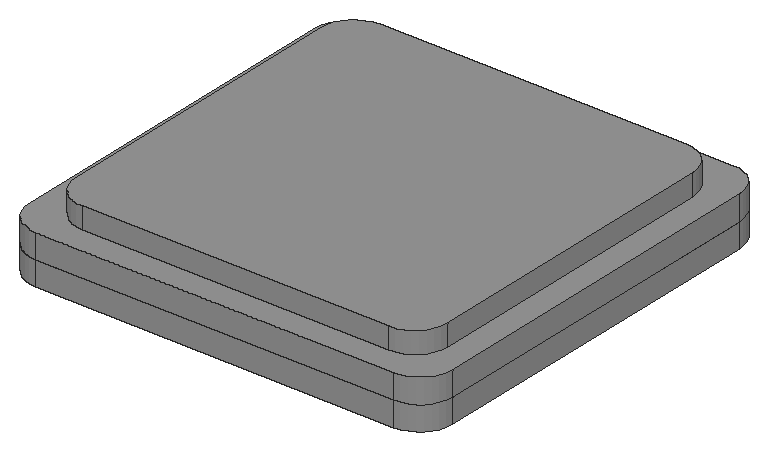
Revit family "FMS2_63_UN_Surface-mounted_ETK", category Lighting Fixtures, Revit 2019 (continued)
Definition of nested family "FMS.2 - Lightsource"
  Types (14, lengths in mm): name | Wattage Comments | Wattage | built-in parameter 1150134 | Photometric Web File | built-in parameter 1150142 | built-in parameter 1150105 | Lumens | built-in parameter 1150107 | built-in parameter 1150106 | Apparent Load
      \t125.602\t121.459\r\n117.3712\t113.3249\t109.3062\t105.3151\t101.3102\t97.3329\t93.397\t89.5026\t85.7049\t81.9624\r\n78.2613\t74.574\t70.9143\t67.2823\t63.6779\t60.1011\t56.552\t53.0304\t49.5365\t46.0702\r\n38.4056\t26.0319\t13.6332\t1.214\t0\t0\t0\t0\t0\t0\r\n0\r\n502.9602\t502.684\t502.2697\t502.1316\t501.9935\t501.7173\t501.5792\t501.4411\t501.0268\t500.7506\r\n500.3363\t500.0601\t499.5077\t499.0934\t498.541\t497.9886\t497.4362\t496.8838\t496.1933\t495.5028\r\n494.6742\t493.8456\t493.017\t492.1884\t491.3598\t490.3931\t489.4264\t488.3216\t487.2168\t486.112\r\n485.0072\t483.9024\t482.6595\t481.2785\t480.0356\t478.6546\t477.2736\t475.7545\t474.3735\t472.8544\r\n471.4734\t469.8162\t468.2971\t466.5018\t464.8446\t463.1874\t461.5302\t459.7349\t457.9396\t456.0062\r\n454.2109\t452.2775\t450.3441\t448.2726\t446.3392\t444.2677\t442.1962\t440.1247\t438.0532\t435.9817\r\n433.9102\t431.7006\t429.3529\t427.1433\t425.0718\t422.586\t419.6859\t416.6477\t413.6095\t410.5713\r\n407.5331\t404.4949\t401.3186\t398.2804\t395.1041\t392.0659\t388.8896\t385.7133\t382.537\t379.2226\r\n376.0463\t372.87\t369.5556\t366.3793\t363.0649\t359.7505\t356.5742\t353.2598\t350.0835\t346.7691\r\n343.3166\t340.0022\t336.8259\t333.3734\t330.059\t326.7446\t323.4302\t319.9777\t316.6633\t313.2108\r\n309.8964\t306.582\t303.1295\t299.8151\t296.5007\t293.1863\t289.7338\t286.2813\t282.6907\t278.8239\r\n274.819\t270.9522\t266.9473\t263.0805\t259.0756\t254.9326\t251.0658\t247.199\t243.3322\t239.3273\r\n235.4605\t231.5937\t227.5888\t223.722\t219.8552\t215.9884\t212.1216\t208.2548\t204.5261\t200.7974\r\n196.9306\t193.2019\t189.3351\t185.6064\t181.8777\t177.5966\t173.3155\t169.0344\t164.8914\t160.6103\r\n156.3292\t152.1862\t148.0432\t143.9002\t139.7572\t135.7247\t131.6645\t127.5906\t123.5581\t119.5532\r\n115.5621\t111.6124\t107.6766\t103.7822\t99.9015\t96.0762\t92.2646\t88.4807\t84.7105\t80.9818\r\n77.2808\t73.5935\t69.9476\t66.3156\t62.6974\t59.1206\t55.5438\t51.9947\t40.9052\t29.1529\r\n17.4006\t5.6179\t0\t0\t0\t0\t0\t0\t0\t0\r\n0\r\n502.9602\t502.5459\t502.1316\t501.9935\t501.7173\t501.5792\t501.303\t501.0268\t500.7506\t500.3363\r\n499.922\t499.5077\t499.0934\t498.541\t498.1267\t497.5743\t496.8838\t496.3314\t495.6409\t494.9504\r\n494.2599\t493.4313\t492.6027\t491.7741\t490.8074\t489.9788\t489.0121\t488.0454\t487.0787\t485.8358\r\n484.731\t483.6262\t482.5214\t481.2785\t480.0356\t478.7927\t477.4117\t476.0307\t474.6497\t473.2687\r\n471.7496\t470.3686\t468.8495\t467.3304\t465.8113\t464.1541\t462.4969\t460.8397\t459.1825\t457.5253\r\n455.73\t453.9347\t452.1394\t450.3441\t448.4107\t446.4773\t444.5439\t442.0581\t439.2961\t436.5341\r\n433.7721\t431.0101\t428.2481\t425.348\t422.4479\t419.5478\t416.7858\t413.8857\t410.9856\t408.0855\r\n405.0473\t402.0091\t398.9709\t396.0708\t393.0326\t389.9944\t386.9562\t383.918\t380.8798\t377.8416\r\n374.8034\t371.6271\t368.4508\t365.4126\t362.2363\t359.06\t355.8837\t352.7074\t349.6692\t346.4929\r\n343.3166\t340.1403\t336.964\t333.7877\t330.6114\t327.5732\t324.3969\t321.2206\t317.9062\t314.1775\r\n310.4488\t306.582\t302.7152\t298.8484\t295.1197\t291.2529\t287.3861\t283.5193\t279.7906\t276.0619\r\n272.1951\t268.4664\t264.5996\t260.8709\t257.0041\t253.2754\t249.4086\t245.818\t242.0893\t238.3606\r\n234.6319\t230.9032\t227.1745\t223.4458\t219.7171\t215.9884\t212.3978\t208.6691\t204.388\t200.1069\r\n195.8258\t191.6828\t187.4017\t183.2587\t179.1157\t174.9727\t170.8297\t166.6867\t162.5437\t158.4007\r\n154.3958\t150.3909\t146.386\t142.243\t138.2381\t134.2332\t130.2421\t126.2925\t122.3842\t118.476\r\n114.5678\t110.6872\t106.8065\t102.9397\t99.1006\t95.289\t91.4912\t87.7211\t83.9648\t80.2223\r\n76.5074\t72.8063\t69.1191\t65.4456\t61.7859\t56.11\t44.7168\t33.3373\t21.9303\t10.5329\r\n0\t0\t0\t0\t0\t0\t0\t0\t0\t0\r\n0\r\n502.9602\t502.5459\t502.1316\t501.7173\t501.5792\t501.303\t501.0268\t500.7506\t500.3363\t500.0601\r\n499.6458\t499.0934\t498.6791\t498.1267\t497.5743\t497.0219\t496.4695\t495.9171\t495.2266\t494.5361\r\n493.8456\t493.017\t492.3265\t491.3598\t490.5312\t489.7026\t488.7359\t487.9073\t486.8025\t485.8358\r\n484.731\t483.6262\t482.5214\t481.4166\t480.3118\t479.0689\t477.826\t476.5831\t475.2021\t473.9592\r\n472.5782\t471.1972\t469.6781\t468.2971\t466.9161\t465.5351\t464.016\t462.4969\t460.8397\t459.1825\r\n457.5253\t455.1776\t452.6918\t450.0679\t447.444\t444.8201\t442.1962\t439.5723\t436.9484\t434.1864\r\n431.4244\t428.6624\t425.9004\t423.1384\t420.5145\t417.7525\t414.8524\t412.0904\t409.1903\t406.4283\r\n403.5282\t400.6281\t397.8661\t394.966\t392.0659\t389.1658\t386.1276\t383.2275\t380.3274\t377.2892\r\n374.3891\t371.489\t368.4508\t365.5507\t362.5125\t359.6124\t356.5742\t353.6741\t350.6359\t347.5977\r\n344.5595\t340.9689\t337.2402\t333.6496\t329.9209\t326.1922\t322.6016\t318.8729\t315.1442\t311.5536\r\n307.8249\t304.0962\t300.5056\t296.7769\t293.0482\t289.3195\t285.7289\t282.0002\t278.4096\t274.6809\r\n271.0903\t267.3616\t263.771\t260.0423\t256.4517\t252.8611\t249.2705\t245.6799\t242.0893\t238.4987\r\n234.9081\t230.9032\t226.7602\t222.4791\t218.3361\t214.1931\t210.0501\t205.9071\t201.7641\t197.7592\r\n193.6162\t189.4732\t185.4683\t181.4634\t177.3204\t173.3155\t169.3106\t165.1676\t161.1627\t157.1578\r\n153.291\t149.2861\t145.4193\t141.4144\t137.4785\t133.4875\t129.524\t125.5743\t121.6523\t117.7302\r\n113.8358\t109.9552\t106.0884\t102.2354\t98.4101\t94.5847\t90.7869\t87.003\t83.2329\t79.4766\r\n75.734\t72.0053\t68.2766\t61.0126\t49.8265\t38.6266\t27.4405\t16.2406\t5.0407\t0\r\n0\t0\t0\t0\t0\t0\t0\t0\t0\t0\r\n0\r\n502.9602\t502.5459\t501.9935\t501.5792\t501.303\t501.0268\t500.7506\t500.4744\t500.0601\t499.6458\r\n499.2315\t498.8172\t498.2648\t497.8505\t497.16\t496.6076\t496.0552\t495.5028\t494.8123\t494.1218\r\n493.5694\t492.8789\t492.0503\t491.2217\t490.3931\t489.5645\t488.5978\t487.7692\t486.8025\t485.8358\r\n484.8691\t483.9024\t482.7976\t481.6928\t480.588\t479.4832\t478.3784\t477.2736\t476.0307\t474.9259\r\n473.683\t472.302\t470.921\t469.6781\t468.2971\t466.9161\t464.8446\t462.4969\t460.1492\t457.6634\r\n455.3157\t452.8299\t450.3441\t447.7202\t445.2344\t442.7486\t440.2628\t437.6389\t435.015\t432.5292\r\n429.9053\t427.2814\t424.5194\t421.7574\t419.1335\t416.3715\t413.7476\t410.9856\t408.3617\t405.5997\r\n402.8377\t400.0757\t397.3137\t394.5517\t391.7897\t389.0277\t386.2657\t383.5037\t380.6036\t377.8416\r\n374.9415\t372.1795\t369.2794\t366.5174\t363.6173\t360.0267\t356.4361\t352.8455\t349.2549\t345.6643\r\n342.0737\t338.4831\t334.8925\t331.3019\t327.7113\t324.1207\t320.5301\t316.9395\t313.3489\t309.7583\r\n306.1677\t302.5771\t299.1246\t295.534\t291.9434\t288.3528\t284.9003\t281.3097\t277.8572\t274.2666\r\n270.8141\t267.3616\t263.771\t260.3185\t256.7279\t252.9992\t248.8562\t244.8513\t240.7083\t236.7034\r\n232.5604\t228.5555\t224.4125\t220.4076\t216.2646\t212.2597\t208.2548\t204.2499\t200.245\t196.2401\r\n192.2352\t188.2303\t184.2254\t180.2205\t176.3537\t172.3488\t168.3439\t164.4771\t160.6103\t156.6054\r\n152.7386\t148.7337\t144.7288\t140.7239\t136.6914\t132.7279\t128.7921\t124.87\t120.9618\t117.0674\r\n113.1868\t109.3062\t105.4532\t101.6002\t97.761\t93.9356\t90.1241\t86.3263\t82.5286\t78.7446\r\n74.9607\t67.2133\t56.1238\t45.0482\t33.9726\t22.897\t11.8214\t0.7455\t0\t0\r\n0\t0\t0\t0\t0\t0\t0\t0\t0\t0\r\n0\r\n502.9602\t502.4078\t501.9935\t501.4411\t501.1649\t500.8887\t500.4744\t500.0601\t499.7839\t499.3696\r\n498.8172\t498.4029\t497.8505\t497.4362\t496.8838\t496.3314\t495.6409\t495.0885\t494.398\t493.8456\r\n493.1551\t492.4646\t491.7741\t491.0836\t490.255\t489.4264\t488.5978\t487.7692\t486.9406\t485.9739\r\n485.0072\t484.0405\t483.0738\t482.1071\t481.1404\t480.1737\t479.0689\t477.9641\t476.8593\t475.7545\r\n474.7878\t473.5449\t471.8877\t469.6781\t467.3304\t464.9827\t462.635\t460.2873\t457.9396\t455.5919\r\n453.2442\t450.8965\t448.5488\t446.063\t443.7153\t441.2295\t438.7437\t436.1198\t433.634\t431.1482\r\n428.6624\t426.1766\t423.5527\t421.0669\t418.443\t415.9572\t413.3333\t410.7094\t408.0855\t405.3235\r\n402.6996\t400.0757\t397.4518\t394.8279\t392.204\t389.442\t386.8181\t384.1942\t381.4322\t378.394\r\n374.9415\t371.489\t368.0365\t364.584\t361.1315\t357.5409\t354.0884\t350.6359\t347.0453\t343.5928\r\n340.1403\t336.6878\t333.2353\t329.6447\t326.1922\t322.7397\t319.2872\t315.8347\t312.3822\t308.7916\r\n305.3391\t301.8866\t298.4341\t294.9816\t291.5291\t288.0766\t284.6241\t281.1716\t277.7191\t274.4047\r\n270.676\t266.6711\t262.6662\t258.6613\t254.6564\t250.6515\t246.6466\t242.6417\t238.6368\t234.6319\r\n230.7651\t226.7602\t222.7553\t218.8885\t214.8836\t211.0168\t207.0119\t203.007\t199.1402\t195.1353\r\n191.2685\t187.4017\t183.5349\t179.53\t175.6632\t171.7964\t167.7915\t163.7866\t159.9198\t155.9149\r\n151.91\t147.9051\t144.0383\t140.0334\t136.0699\t132.1341\t128.1982\t124.2762\t120.368\t116.4735\r\n112.5791\t108.6985\t104.8317\t100.9649\t97.1119\t93.2727\t89.4336\t85.6082\t81.7966\t74.6845\r\n63.6779\t52.6713\t41.6648\t30.6582\t19.6516\t8.6492\t0\t0\t0\t0\r\n0\t0\t0\t0\t0\t0\t0\t0\t0\t0\r\n0\r\n502.9602\t502.4078\t501.8554\t501.4411\t501.0268\t500.6125\t500.1982\t499.7839\t499.3696\t498.9553\r\n498.541\t498.1267\t497.5743\t497.0219\t496.4695\t495.9171\t495.3647\t494.8123\t494.1218\t493.5694\r\n492.8789\t492.1884\t491.4979\t490.8074\t490.1169\t489.4264\t488.5978\t487.9073\t487.0787\t486.2501\r\n485.2834\t484.4548\t483.6262\t482.6595\t481.6928\t480.7261\t479.7594\t478.7927\t477.826\t476.3069\r\n474.0973\t472.0258\t469.8162\t467.6066\t465.397\t463.1874\t460.8397\t458.6301\t456.4205\t454.0728\r\n451.7251\t449.3774\t447.0297\t444.682\t442.3343\t439.9866\t437.6389\t435.1531\t432.8054\t430.3196\r\n427.9719\t425.4861\t423.0003\t420.5145\t418.0287\t415.5429\t413.0571\t410.5713\t408.0855\t405.5997\r\n403.1139\t400.6281\t398.1423\t395.5184\t393.0326\t389.5801\t386.2657\t382.8132\t379.4988\t376.0463\r\n372.7319\t369.2794\t365.965\t362.5125\t359.1981\t355.7456\t352.4312\t348.9787\t345.6643\t342.2118\r\n338.8974\t335.4449\t331.9924\t328.678\t325.2255\t321.9111\t318.4586\t315.1442\t311.8298\t308.3773\r\n305.0629\t301.6104\t298.296\t294.9816\t291.5291\t288.2147\t284.3479\t280.4811\t276.4762\t272.4713\r\n268.6045\t264.7377\t260.7328\t256.7279\t252.8611\t248.8562\t244.9894\t241.1226\t237.2558\t233.2509\r\n229.3841\t225.5173\t221.6505\t217.7837\t213.9169\t210.0501\t206.1833\t202.3165\t198.4497\t194.5829\r\n190.7161\t186.9874\t183.1206\t179.1157\t175.1108\t171.1059\t167.2391\t163.2342\t159.2293\t155.2244\r\n151.3576\t147.3527\t143.3478\t139.481\t135.4899\t131.5541\t127.632\t123.71\t119.8017\t115.9073\r\n112.0129\t108.1185\t104.2379\t100.3711\t96.5043\t92.6375\t88.7845\t83.5091\t72.5439\t61.565\r\n50.5998\t39.6347\t28.6696\t17.7044\t6.7407\t0\t0\t0\t0\t0\r\n0\t0\t0\t0\t0\t0\t0\t0\t0\t0\r\n0\r\n502.9602\t502.4078\t501.8554\t501.303\t500.8887\t500.3363\t499.922\t499.5077\t499.0934\t498.6791\r\n498.2648\t497.7124\t497.16\t496.7457\t496.1933\t495.6409\t495.0885\t494.5361\t493.8456\t493.2932\r\n492.6027\t492.0503\t491.3598\t490.6693\t489.9788\t489.2883\t488.5978\t487.9073\t487.2168\t486.3882\r\n485.6977\t484.8691\t484.0405\t483.2119\t482.3833\t481.5547\t480.588\t478.6546\t476.5831\t474.5116\r\n472.302\t470.2305\t468.0209\t465.9494\t463.7398\t461.5302\t459.3206\t457.111\t454.9014\t452.6918\r\n450.4822\t448.1345\t445.9249\t443.5772\t441.3676\t439.0199\t436.6722\t434.3245\t432.1149\t429.7672\r\n427.4195\t425.0718\t422.7241\t420.3764\t418.0287\t415.681\t413.3333\t410.8475\t408.4998\t406.014\r\n403.6663\t400.6281\t397.3137\t394.1374\t390.823\t387.5086\t384.1942\t380.8798\t377.5654\t374.251\r\n370.9366\t367.7603\t364.4459\t361.1315\t357.8171\t354.5027\t351.1883\t347.7358\t344.4214\t341.107\r\n337.7926\t334.6163\t331.3019\t327.9875\t324.6731\t321.3587\t318.0443\t314.7299\t311.5536\t308.2392\r\n304.9248\t301.6104\t298.0198\t294.153\t290.2862\t286.2813\t282.4145\t278.5477\t274.6809\t270.676\r\n266.8092\t262.9424\t259.0756\t255.3469\t251.4801\t247.6133\t243.7465\t239.8797\t236.0129\t232.1461\r\n228.4174\t224.5506\t220.6838\t216.9551\t213.0883\t209.3596\t205.4928\t201.7641\t197.8973\t194.1686\r\n190.3018\t186.2969\t182.292\t178.4252\t174.4203\t170.5535\t166.5486\t162.6818\t158.6769\t154.8101\r\n150.9433\t146.9384\t143.0716\t139.2048\t135.2828\t131.4022\t127.5215\t123.6409\t119.7603\t115.8935\r\n112.0267\t108.1599\t104.2931\t100.4401\t96.5871\t92.7065\t83.3848\t72.3368\t61.2888\t50.2546\r\n39.2342\t28.2138\t17.1934\t6.1883\t0\t0\t0\t0\t0\t0\r\n0\t0\t0\t0\t0\t0\t0\t0\t0\t0\r\n0\r\n502.9602\t502.4078\t501.8554\t501.303\t500.6125\t500.1982\t499.7839\t499.2315\t498.8172\t498.4029\r\n497.8505\t497.4362\t496.8838\t496.3314\t495.779\t495.3647\t494.8123\t494.1218\t493.5694\t493.017\r\n492.4646\t491.7741\t491.0836\t490.5312\t489.8407\t489.1502\t488.5978\t487.9073\t487.2168\t486.5263\r\n485.8358\t485.1453\t484.4548\t483.6262\t482.9357\t481.2785\t479.3451\t477.2736\t475.064\t472.9925\r\n470.921\t468.7114\t466.6399\t464.4303\t462.3588\t460.1492\t458.0777\t455.8681\t453.6585\t451.587\r\n449.3774\t447.1678\t444.9582\t442.7486\t440.539\t438.3294\t436.1198\t433.7721\t431.5625\t429.3529\r\n427.0052\t424.7956\t422.4479\t420.2383\t417.8906\t415.681\t413.3333\t411.1237\t408.2236\t405.0473\r\n401.871\t398.5566\t395.3803\t392.204\t388.8896\t385.7133\t382.537\t379.3607\t376.0463\t372.7319\r\n369.5556\t366.2412\t363.0649\t359.7505\t356.5742\t353.3979\t350.0835\t346.9072\t343.5928\t340.4165\r\n337.1021\t333.9258\t330.7495\t327.4351\t324.2588\t321.0825\t317.7681\t314.5918\t311.4155\t307.6868\r\n303.82\t299.9532\t296.0864\t292.3577\t288.4909\t284.6241\t280.7573\t277.0286\t273.1618\t269.295\r\n265.5663\t261.6995\t257.9708\t254.104\t250.3753\t246.5085\t242.7798\t238.913\t235.1843\t231.3175\r\n227.5888\t223.8601\t219.9933\t216.2646\t212.5359\t208.6691\t204.9404\t201.2117\t197.2068\t193.34\r\n189.3351\t185.4683\t181.6015\t177.5966\t173.7298\t169.7249\t165.8581\t161.9913\t158.1245\t154.1196\r\n150.2528\t146.386\t142.5192\t138.6524\t134.7304\t130.8498\t126.983\t123.1023\t119.2355\t115.3687\r\n111.5157\t107.6489\t103.796\t99.943\t95.1647\t84.1305\t73.1101\t62.0898\t51.0694\t40.049\r\n29.0424\t18.0221\t7.0031\t0\t0\t0\t0\t0\t0\t0\r\n0\t0\t0\t0\t0\t0\t0\t0\t0\t0\r\n0\r\n502.9602\t502.4078\t501.7173\t501.1649\t500.6125\t500.0601\t499.5077\t499.0934\t498.541\t498.1267\r\n497.5743\t497.0219\t496.6076\t496.0552\t495.5028\t494.9504\t494.398\t493.8456\t493.2932\t492.7408\r\n492.1884\t491.4979\t490.9455\t490.3931\t489.7026\t489.0121\t488.4597\t487.7692\t487.2168\t486.5263\r\n485.8358\t485.1453\t484.4548\t483.7643\t481.8309\t479.7594\t477.6879\t475.7545\t473.683\t471.6115\r\n469.54\t467.4685\t465.397\t463.3255\t461.254\t459.1825\t456.9729\t454.9014\t452.6918\t450.6203\r\n448.4107\t446.3392\t444.1296\t442.0581\t439.8485\t437.777\t435.5674\t433.3578\t431.1482\t429.0767\r\n426.8671\t424.6575\t422.4479\t420.2383\t418.0287\t415.8191\t412.6428\t409.4665\t406.2902\t403.252\r\n400.0757\t396.8994\t393.7231\t390.4087\t387.2324\t384.0561\t380.8798\t377.7035\t374.5272\t371.3509\r\n368.3127\t365.1364\t361.9601\t358.7838\t355.4694\t352.2931\t349.1168\t345.9405\t342.7642\t339.5879\r\n336.4116\t333.2353\t330.059\t327.0208\t323.8445\t320.6682\t317.2157\t313.487\t309.6202\t305.8915\r\n302.1628\t298.296\t294.5673\t290.8386\t286.9718\t283.2431\t279.5144\t275.6476\t271.9189\t268.1902\r\n264.4615\t260.5947\t256.866\t253.1373\t249.4086\t245.6799\t241.9512\t238.0844\t234.3557\t230.627\r\n226.8983\t223.1696\t219.4409\t215.7122\t211.9835\t208.1167\t204.2499\t200.3831\t196.3782\t192.5114\r\n188.6446\t184.6397\t180.7729\t176.9061\t173.0393\t169.1725\t165.1676\t161.3008\t157.434\t153.5672\r\n149.7004\t145.8336\t141.9668\t138.0862\t134.2194\t130.3526\t126.4858\t122.6328\t118.766\t114.8992\r\n111.0462\t107.1932\t103.3264\t97.3329\t86.3263\t75.3059\t64.2994\t53.2928\t42.2862\t31.2796\r\n20.2731\t9.2596\t0\t0\t0\t0\t0\t0\t0\t0\r\n0\t0\t0\t0\t0\t0\t0\t0\t0\t0\r\n0\r\n502.9602\t502.4078\t501.7173\t501.1649\t500.4744\t499.922\t499.3696\t498.8172\t498.2648\t497.8505\r\n497.2981\t496.7457\t496.1933\t495.6409\t495.0885\t494.6742\t494.1218\t493.5694\t493.017\t492.4646\r\n491.9122\t491.2217\t490.6693\t490.1169\t489.5645\t488.874\t488.3216\t487.6311\t487.0787\t486.5263\r\n485.8358\t485.1453\t484.3167\t482.3833\t480.3118\t478.3784\t476.3069\t474.3735\t472.302\t470.2305\r\n468.159\t466.2256\t464.1541\t462.0826\t460.0111\t457.9396\t455.8681\t453.7966\t451.7251\t449.6536\r\n447.5821\t445.5106\t443.4391\t441.3676\t439.2961\t437.2246\t435.015\t432.9435\t430.7339\t428.6624\r\n426.4528\t424.2432\t422.1717\t420.1002\t417.062\t414.0238\t410.9856\t407.8093\t404.7711\t401.5948\r\n398.4185\t395.3803\t392.204\t389.0277\t385.9895\t382.8132\t379.6369\t376.5987\t373.4224\t370.2461\r\n367.2079\t364.0316\t360.8553\t357.8171\t354.6408\t351.6026\t348.4263\t345.3881\t342.2118\t339.1736\r\n336.1354\t332.9591\t329.7828\t326.6065\t323.154\t319.2872\t315.5585\t311.8298\t308.1011\t304.3724\r\n300.6437\t296.915\t293.1863\t289.4576\t285.7289\t282.0002\t278.2715\t274.5428\t270.8141\t267.0854\r\n263.3567\t259.628\t255.8993\t252.1706\t248.4419\t244.7132\t240.9845\t237.3939\t233.6652\t229.9365\r\n226.2078\t222.4791\t218.7504\t215.0217\t211.1549\t207.2881\t203.4213\t199.5545\t195.6877\t191.8209\r\n187.9541\t184.0873\t180.2205\t176.3537\t172.4869\t168.6201\t164.7533\t160.8865\t156.8816\t153.0148\r\n149.148\t145.2812\t141.4144\t137.6167\t133.7498\t129.883\t126.0301\t122.1633\t118.3103\t114.4435\r\n110.5905\t106.7375\t100.9925\t89.9998\t78.9932\t68.0004\t57.0077\t46.0149\t35.0084\t24.0156\r\n13.0201\t2.0232\t0\t0\t0\t0\t0\t0\t0\t0\r\n0\t0\t0\t0\t0\t0\t0\t0\t0\t0\r\n0\r\n502.9602\t502.4078\t501.7173\t501.1649\t500.4744\t499.922\t499.2315\t498.6791\t498.1267\t497.5743\r\n497.0219\t496.4695\t495.9171\t495.3647\t494.8123\t494.2599\t493.7075\t493.1551\t492.6027\t492.0503\r\n491.4979\t490.9455\t490.3931\t489.8407\t489.2883\t488.5978\t488.0454\t487.493\t486.9406\t486.2501\r\n485.6977\t485.1453\t483.0738\t481.1404\t479.0689\t477.1355\t475.064\t473.1306\t471.0591\t469.1257\r\n467.0542\t464.9827\t463.0493\t460.9778\t458.9063\t456.9729\t454.9014\t452.8299\t450.8965\t448.825\r\n446.7535\t444.682\t442.6105\t440.539\t438.4675\t436.396\t434.3245\t432.253\t430.1815\t428.11\r\n426.0385\t423.967\t421.6193\t418.5811\t415.5429\t412.3666\t409.3284\t406.2902\t403.1139\t400.0757\r\n
